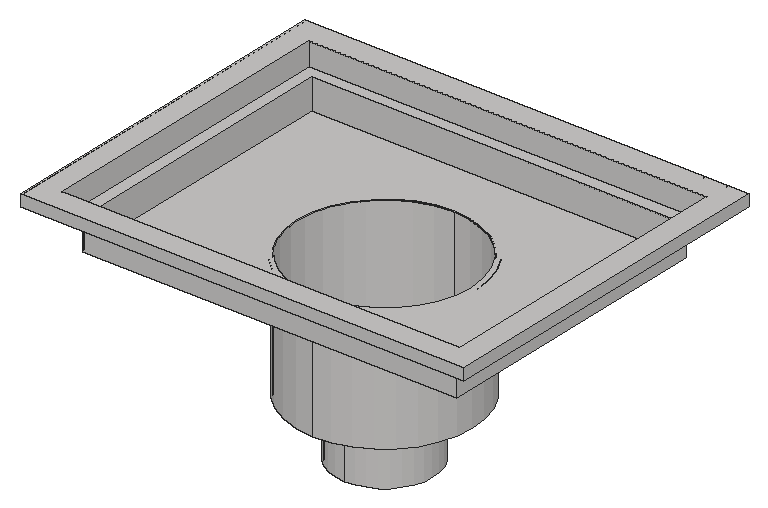
Revit family "QF_ELECTROLUXPROFESSIONAL_328061_FDB4050", category Attrezzature speciali, Revit 2020
Family settings
  Quota connettore circolare = Usa diametro
  Tipo di parte = Normale
  Basato su piano di lavoro = No
  Sempre verticale = Sì
  Taglio con vuoti quando caricato = No
  Condiviso = No
  Punto di calcolo locali = No
Parameters (values of type "Standard")
  Weight = 33.0693 lbm
  Watts = 0 W
  Volts = 0 V
  URL Manufacturer = "https://www.electroluxprofessional.com/"
  URL = "https://www.electroluxprofessional.com/"
  Steam Supply Size = 0"
  Steam Supply Minimum Pressure = 0.00 psi
  Steam Supply Maximum Pressure = 0.00 psi
  Steam Consumption per Hour = 0
  Refrigeration Suction Line Size = 0 mm
  Refrigeration Liquid Line Size = 0 mm
  Refrigerant Compressor Remote = yes
  Prospetto di default = 0 mm
  Phase = 0
  Modello = "FDB4050"
  Produttore = "Electrolux Professional"
  Length Actual = 500 mm  # constant formula
  Item Number = "328061"
  Hot Water Size = 0"
  Height Actual = 265 mm  # constant formula
  HP = "0 HP"
  Gas Size = 0"
  Gas KW = 0
  Gas Input Pressure = 0.0 Btu/h
  Direct Waste Size = 3.93701"
  Descrizione = "FLR.DRAIN+GRATE+C.SIPH-VERT.OUT. 400X500"
  Depth Actual = 400 mm  # constant formula
  Cycle = 0 Hz
  Condensate Return Size = 0"
  Compressed Air Volume = 0 GPM
  Compressed Air Size = 0"
  Compressed Air Pressure = 0.00 psi
  Cold Water Size = 0"
  Assembly Code = ""
  Accessory = yes
Reference planes
  plane 1: z = 0
  plane 2 "Center (Front/Back)": y = -102.225
  plane 3 "Center (Left/Right)": x = 9.791
  plane 4 "TOP": z = -265
  plane 5 "Back": y = 97.775
  plane 6 "Front": y = -302.225
  plane 7: x = -140.209
  plane 8: x = 159.791
  plane 9 "Right": x = 259.791
  plane 10 "Left": x = -240.209
  plane 11: x = 234.791
  plane 12: x = -200.209
Forms (mm)
  Revolve 1, solid, material "QF_Metal-Stainless-Polished"
    sketch origin (9.791, 0, 0) x (0, 1, 0) y (0, 0, 1)
      loop
        line (-2.225, -62) -> (0.775, -62) -> (0.775, -60) -> (-4.225, -60) -> (-4.225, -198) -> (-49.225, -198) -> (-49.225, -265) -> (-47.225, -265) -> (-47.225, -200) -> (-2.225, -200) -> (-2.225, -62)
      axis (-102.225, -265) -> (-102.225, -60)
    angle from 0 to 360
  Sweep 2, solid, material "QF_Finishes_Stainless Steel"
    path origin (0, 0, 0) x (1, 0, 0) y (0, 1, 0)
      loop
        line (-240.209, 97.775) -> (-240.209, -302.225) -> (259.791, -302.225) -> (259.791, 97.775) -> (-240.209, 97.775)
    profile origin (9.791, 97.775, 0) x (0, 1, 0) y (0, 0, 1)
      loop
        line (0, -11.945) -> (0, 1) -> (-26, 1) -> (-26, -25) -> (-40, -25) -> (-40, -59) -> (-50, -59) -> (-50, -60) -> (-39, -60) -> (-39, -26) -> (-25, -26) -> (-25, 0.055) -> (-1, 0.055) -> (-1, -11.945) -> (0, -11.945)
  Extrusion 3, solid, material "QF_Finishes_Stainless Steel"
    sketch origin (0, 0, 0) x (1, 0, 0) y (0, 1, 0)
      loop
        line (-190.209, 47.775) -> (-190.209, -252.225) -> (209.791, -252.225) -> (209.791, 47.775) -> (-190.209, 47.775)
      loop
        circle (9.791, -102.225) r 98
    from -59 to -60
Cuts and joins
  joined: Sweep 2, Extrusion 3
Lines and regions (mm)
  symbolic lines
    curve 1: line (-240.209, 97.775, 0) -> (259.791, 97.775, 0)
    curve 2: line (-240.209, -302.225, 0) -> (-240.209, 97.775, 0)
    curve 3: line (259.791, -302.225, 0) -> (-240.209, -302.225, 0)
    curve 4: line (259.791, 97.775, 0) -> (259.791, -302.225, 0)
    curve 5: circle (9.791, -102.225, 0) r 115 normal (0, 0, 1)
    curve 18: circle (9.791, -102.225, 0) r 115 normal (0, 0, -1)
    curve 24: circle (9.791, -102.225, 0) r 53 normal (0, 0, 1)
    curve 46: line (-215.209, 72.775, 0) -> (-215.209, -277.225, 0)
    curve 47: line (234.791, 72.775, 0) -> (-215.209, 72.775, 0)
    curve 48: line (-215.209, -277.225, 0) -> (234.791, -277.225, 0)
    curve 51: line (234.791, 72.775, 0) -> (234.791, -277.225, 0)
  model lines
    curve 6: line (-100.209, 71.775, 0) -> (-100.209, -276.225, 0)
    curve 7: line (-80.209, 71.775, 0) -> (-80.209, -276.225, 0)
    curve 8: line (-60.209, 71.775, 0) -> (-60.209, -276.225, 0)
    curve 9: line (-40.209, 71.775, 0) -> (-40.209, -276.225, 0)
    curve 10: line (-20.209, 71.775, 0) -> (-20.209, -276.225, 0)
    curve 11: line (-0.209, 71.775, 0) -> (-0.209, -276.225, 0)
    curve 12: line (19.791, 71.775, 0) -> (19.791, -276.225, 0)
    curve 13: line (39.791, 71.775, 0) -> (39.791, -276.225, 0)
    curve 14: line (59.791, 71.775, 0) -> (59.791, -276.225, 0)
    curve 15: line (79.791, 71.775, 0) -> (79.791, -276.225, 0)
    curve 16: line (99.791, 71.775, 0) -> (99.791, -276.225, 0)
    curve 17: line (119.791, 71.775, 0) -> (119.791, -276.225, 0)
    curve 19: line (-215.209, -22.225, 0) -> (234.791, -22.225, 0)
    curve 20: line (-215.209, -42.225, 0) -> (234.791, -42.225, 0)
    curve 21: line (-215.209, -62.225, 0) -> (234.791, -62.225, 0)
    curve 22: line (-215.209, -102.225, 0) -> (234.791, -102.225, 0)
    curve 23: line (-215.209, -122.225, 0) -> (234.791, -122.225, 0)
    curve 25: line (-215.209, 37.775, 0) -> (234.791, 37.775, 0)
    curve 26: line (-215.209, 17.775, 0) -> (234.791, 17.775, 0)
    curve 27: line (-215.209, -2.225, 0) -> (234.791, -2.225, 0)
    curve 28: line (-215.209, -202.225, 0) -> (234.791, -202.225, 0)
    curve 29: line (-215.209, -182.225, 0) -> (234.791, -182.225, 0)
    curve 30: line (-215.209, -162.225, 0) -> (234.791, -162.225, 0)
    curve 31: line (-215.209, -142.225, 0) -> (234.791, -142.225, 0)
    curve 32: line (-215.209, -262.225, 0) -> (234.791, -262.225, 0)
    curve 33: line (-215.209, -242.225, 0) -> (234.791, -242.225, 0)
    curve 34: line (-215.209, -222.225, 0) -> (234.791, -222.225, 0)
    curve 35: line (-215.209, 57.775, 0) -> (234.791, 57.775, 0)
    curve 36: line (139.791, 71.775, 0) -> (139.791, -276.225, 0)
    curve 37: line (159.791, 71.775, 0) -> (159.791, -276.225, 0)
    curve 38: line (179.791, 71.775, 0) -> (179.791, -276.225, 0)
    curve 39: line (199.791, 71.775, 0) -> (199.791, -276.225, 0)
    curve 40: line (219.791, 71.775, 0) -> (219.791, -276.225, 0)
    curve 41: line (259.791, 71.775, 0) -> (259.791, -276.225, 0)
    curve 42: line (-215.209, -82.225, 0) -> (234.791, -82.225, 0)
    curve 43: line (-160.209, 71.775, 0) -> (-160.209, -276.225, 0)
    curve 44: line (-140.209, 71.775, 0) -> (-140.209, -276.225, 0)
    curve 45: line (-120.209, 71.775, 0) -> (-120.209, -276.225, 0)
    curve 49: line (-200.209, 71.775, 0) -> (-200.209, -276.225, 0)
    curve 50: line (-180.209, 71.775, 0) -> (-180.209, -276.225, 0)
Dimensions and locks
  equal spacing: plane 8, plane 3 "Center (Left/Right)", plane 7
  level to plane 4 "TOP" = 265 mm
  locked: Revolve 1 sketch curve to Revolve 1 sketch curve at 100
  locked: Revolve 1 sketch curve to Revolve 1 sketch curve at 55
  locked: plane 8 to plane 7 at 300
  equal spacing: plane 6 "Front", plane 2 "Center (Front/Back)", plane 5 "Back"
  locked: plane 6 "Front" to plane 5 "Back" at 400
  equal spacing: plane 10 "Left", plane 3 "Center (Left/Right)", plane 9 "Right"
  locked: plane 10 "Left" to plane 9 "Right" at 500
  locked: plane 11 to plane 9 "Right" at 25
  aligned and locked: level to plane 1
  aligned and locked: Sweep 2 sketch curve to plane 9 "Right"
  aligned and locked: curve 4 to plane 9 "Right"
  aligned and locked: plane 10 "Left" to Sweep 2 sketch curve
  aligned and locked: plane 10 "Left" to curve 2
  aligned and locked: plane 11 to curve 25
Automatic sketch dimensions
  plane 6 "Front" to Sweep 2 sketch curve = 0 mm
  plane 5 "Back" to Sweep 2 sketch curve = 0 mm
  level to Sweep 2 sketch curve = 1 mm
  Sweep 2 sketch curve to profile plane = 0 mm
  profile plane to Sweep 2 sketch curve = 1 mm
  profile plane to Sweep 2 sketch curve = 25 mm
  Sweep 2 sketch curve to Sweep 2 sketch curve = 1 mm  (x4)
  Sweep 2 sketch curve to Sweep 2 sketch curve = 14 mm
  level to Sweep 2 sketch curve = 0.055 mm
  Sweep 2 sketch curve to Sweep 2 sketch curve = 12 mm
  Sweep 2 sketch curve to level = 25 mm
  Sweep 2 sketch curve to Sweep 2 sketch curve = 33 mm
  Sweep 2 sketch curve to Sweep 2 sketch curve = 10 mm
  Extrusion 3 sketch curve to plane 2 "Center (Front/Back)" = 0 mm
  Extrusion 3 sketch curve to plane 3 "Center (Left/Right)" = 0 mm
  Extrusion 3 sketch curve to plane 9 "Right" = 50 mm
  Extrusion 3 sketch curve to plane 6 "Front" = 50 mm
  plane 5 "Back" to Extrusion 3 sketch curve = 50 mm
  plane 10 "Left" to Extrusion 3 sketch curve = 50 mm
  Revolve 1 sketch curve to plane 2 "Center (Front/Back)" = 0 mm
  Revolve 1 sketch curve to plane 4 "TOP" = 0 mm
  Revolve 1 sketch curve to Revolve 1 sketch curve = 2 mm  (x4)
  Revolve 1 sketch curve to Revolve 1 sketch curve = 3 mm
  plane 4 "TOP" to Revolve 1 sketch curve = 65 mm
  Revolve 1 sketch curve to level = 60 mm
  Revolve 1 sketch curve to plane 4 "TOP" = 344.6 mm
  level to Revolve 1 sketch curve = 2466.13 mm
  curve 5 to curve 18 = 0 mm  (x2)
  curve 5 to curve 24 = 0 mm  (x2)
  curve 22 to plane 2 "Center (Front/Back)" = 0 mm
  curve 49 to plane 12 = 0 mm
  curve 44 to plane 7 = 0 mm
  curve 18 to plane 2 "Center (Front/Back)" = 0 mm
  curve 18 to plane 3 "Center (Left/Right)" = 0 mm
  curve 37 to plane 8 = 0 mm
  curve 41 to plane 9 "Right" = 0 mm
  plane 6 "Front" to curve 3 = 0 mm
  plane 5 "Back" to curve 1 = 0 mm
  curve 47 to plane 12 = 15 mm
  curve 48 to plane 6 "Front" = 25 mm
  plane 5 "Back" to curve 46 = 25 mm
  curve 49 to curve 50 = 20 mm
  curve 43 to plane 7 = 20 mm
  curve 44 to curve 45 = 20 mm
  curve 45 to curve 6 = 20 mm
  curve 6 to curve 7 = 20 mm
  curve 7 to curve 8 = 20 mm
  curve 8 to curve 9 = 20 mm
  curve 9 to curve 10 = 20 mm
  curve 11 to plane 3 "Center (Left/Right)" = 10 mm
  plane 3 "Center (Left/Right)" to curve 12 = 10 mm
  curve 12 to curve 13 = 20 mm
  curve 13 to curve 14 = 20 mm
  curve 14 to curve 15 = 20 mm
  curve 15 to curve 16 = 20 mm
  curve 16 to curve 17 = 20 mm
  curve 36 to plane 8 = 20 mm
  curve 37 to curve 38 = 20 mm
  curve 38 to curve 39 = 20 mm
  plane 11 to curve 40 = 15 mm
  curve 50 to plane 6 "Front" = 26 mm
  curve 6 to plane 6 "Front" = 26 mm
  curve 36 to plane 6 "Front" = 26 mm
  curve 46 to curve 49 = 1 mm
  curve 6 to curve 7 = 0 mm  (x2)
  curve 45 to curve 6 = 0 mm
  curve 7 to curve 8 = 0 mm  (x2)
  curve 44 to curve 45 = 0 mm  (x2)
  curve 8 to curve 9 = 0 mm  (x2)
  curve 43 to curve 44 = 0 mm  (x2)
  curve 9 to curve 10 = 0 mm  (x2)
  curve 17 to curve 36 = 0 mm  (x2)
  curve 10 to curve 11 = 0 mm  (x2)
  curve 36 to curve 37 = 0 mm  (x2)
  curve 11 to curve 12 = 0 mm  (x2)
  curve 48 to curve 41 = 1 mm
  curve 12 to curve 13 = 0 mm  (x2)
  curve 51 to curve 40 = 1 mm
  curve 13 to curve 14 = 0 mm  (x2)
  curve 39 to curve 40 = 0 mm
  curve 14 to curve 15 = 0 mm  (x2)
  curve 37 to curve 38 = 0 mm  (x2)
  curve 16 to curve 17 = 0 mm  (x2)
  curve 51 to curve 32 = 15 mm
  curve 32 to curve 33 = 20 mm
  curve 33 to curve 34 = 20 mm
  curve 34 to curve 28 = 20 mm
  curve 28 to curve 29 = 20 mm
  curve 29 to curve 30 = 20 mm
  curve 30 to curve 31 = 20 mm
  curve 23 to curve 22 = 20 mm
  plane 2 "Center (Front/Back)" to curve 42 = 20 mm
  curve 42 to curve 21 = 20 mm
  curve 21 to curve 20 = 20 mm
  curve 20 to curve 19 = 20 mm
  curve 19 to curve 27 = 20 mm
  curve 27 to curve 26 = 20 mm
  curve 26 to curve 25 = 20 mm
  curve 35 to curve 47 = 15 mm
  plane 5 "Back" to curve 36 = 26 mm
  curve 38 to curve 39 = 0 mm
  curve 15 to curve 16 = 0 mm
  curve 40 to curve 47 = 1 mm
  curve 41 to curve 47 = 1 mm
  plane 5 "Back" to curve 43 = 26 mm
  curve 50 to curve 43 = 0 mm
  curve 49 to curve 46 = 1 mm
  radius of Extrusion 3 sketch curve = 98 mm
  radius of curve 5 = 115 mm
  radius of curve 18 = 115 mm
  radius of curve 24 = 53 mm
Connectors
  piping at (9.791, -102.225, -265), diameter 100, driven by "Direct Waste Size"
    settings: on Revolve 1, index 1, connector inside diameter 24", connector length 0 mm, flow factor 0, pipe flow 0 GPM, pressure drop 0.00 psi, fitting loss kfactor 0, connector angle 0.00°, fixture units 0, engagement length 0 mm, angle of deflection 0.00°, flow configuration 0, flow direction 0, fitting loss method 0, system type 19, joint type 0, gender type 0, connector reference index -1, connector utility 0, adjustable connector no, is connector primary yes, connector description "Drain"
